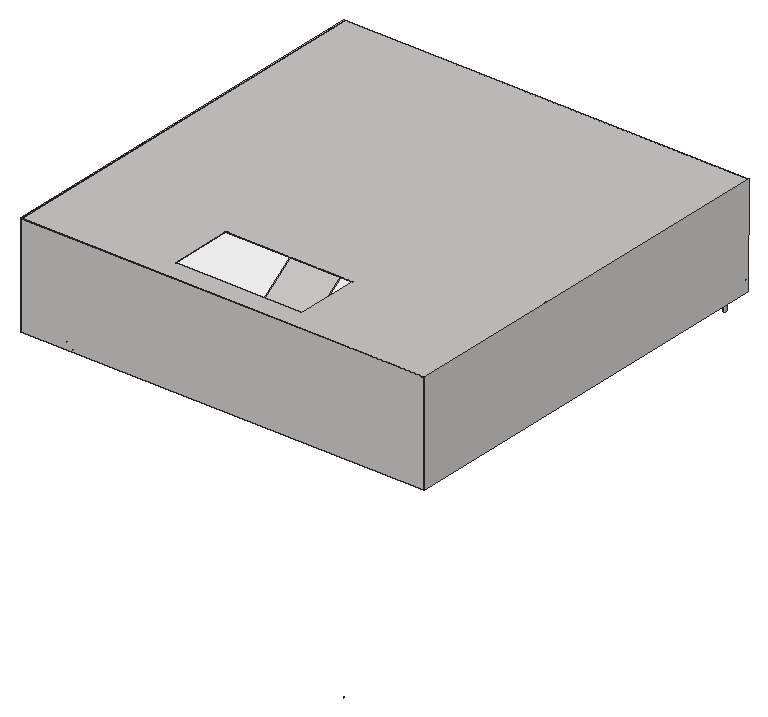
Revit family "QF_ELECTROLUXPROFESSIONAL_640203_EPF1616", category Specialty Equipment, Revit 2014
Reference planes
  plane 1: z = 0
  plane 2 "Center (Left/Right)": x = 150
  plane 3 "LEFT": x = -650
  plane 4 "RIGHT": x = 950
  plane 5 "BACK": y = 550
  plane 6 "TOP": z = 2400
  plane 7 "Base": z = 2000
  plane 8: z = 1970
  plane 9 "DrainY": y = 450
  plane 10: x = -647
  plane 11: y = -720
  plane 12: y = -970
  plane 13 "DrainX": x = 937
  plane 14 "AOLeft": x = -100
  plane 15 "AORight": x = 400
  plane 16: x = 947
  plane 17: x = -450
  plane 18: x = 750
  plane 19: through (0, -449.6, 2399.19) normal (0, -0.5736, 0.8192)
  plane 20: x = 50
  plane 21: x = 250
  plane 22 "Center (Front/Back)": y = -250
  plane 23 "Front": y = -1050
Forms (mm)
  Extrusion 1, solid, material "QF_Finishes_Stainless Steel"
    sketch origin (-650, 0, 360) x (0, 1, 0) y (0, 0, 1)
      loop
        line (550, 1640) -> (550, 2040) -> (-1050, 2040) -> (-1050, 1640) -> (550, 1640)
    from 0 to 3
  Extrusion 2, solid, material "QF_Finishes_Stainless Steel"
    sketch origin (950, 0, 360) x (0, 1, 0) y (0, 0, 1)
      loop
        line (550, 1640) -> (550, 2040) -> (-1050, 2040) -> (-1050, 1640) -> (550, 1640)
    from 0 to -3
  Extrusion 3, solid, material "QF_Finishes_Stainless Steel"
    sketch origin (150, 0, 360) x (0, 1, 0) y (0, 0, 1)
      loop
        line (-1050, 2040) -> (-1050, 1640) -> (-1040, 1640) -> (-1040, 1640.8) -> (-1049.2, 1640.8) -> (-1049.2, 2039.19) -> (549.2, 2039.19) -> (549.2, 1640.8) -> (540, 1640.8) -> (540, 1640) -> (550, 1640) -> (550, 2040) -> (-1050, 2040)
    from -800 to 800
  Extrusion 4, solid, material "QF_Finishes_Stainless Steel"
    sketch origin (0, 0, 2000) x (0, 1, 0) y (-1, 0, 0)
      loop
        circle (450, -937) r 4.763
    from -30 to 0
  Extrusion 5, void
    sketch origin (0, 0, 2400) x (0, 1, 0) y (-1, 0, 0)
      loop
        line (-720, -400) -> (-720, 100) -> (-970, 100) -> (-970, -400) -> (-720, -400)
    from 0 to -10
  Extrusion 6, solid, material "QF_Finishes_Stainless Steel"
    sketch origin (0, 0, 0) x (1, 0, 0) y (0, 1, 0)
      loop
        line (-650, 550) -> (-650, 549) -> (-649, 549) -> (-649, 550) -> (-650, 550)
    from 0 to 1
  Extrusion 7, solid, material "QF_Finishes_Stainless Steel"
    sketch origin (150, 0, 360) x (0, 1, 0) y (0, 0, 1)
      loop
        line (-531.515, 1981.832) -> (-534.381, 1985.926) -> (-973.276, 1678.608) -> (-970.553, 1674.415) -> (-531.515, 1981.832)
    from -600 to -797
  Extrusion 8, solid, material "QF_Finishes_Stainless Steel"
    sketch origin (150, 0, 360) x (0, 1, 0) y (0, 0, 1)
      loop
        line (-1050, 2039.19) -> (-1050, 1640) -> (-1019.702, 1640) -> (-970.553, 1674.415) -> (-978.723, 1686.995) -> (-979.394, 1686.559) -> (-971.645, 1674.627) -> (-1019.955, 1640.8) -> (-1049.2, 1640.8) -> (-1049.2, 2039.19) -> (-1050, 2039.19)
      loop
        line (-449.6, 2039.19) -> (-450.995, 2039.19) -> (-531.319, 1982.947) -> (-539.464, 1994.578) -> (-540.119, 1994.12) -> (-531.515, 1981.832) -> (-449.6, 2039.19)
    from -797 to 797
  Extrusion 9, solid, material "QF_Finishes_Stainless Steel"
    sketch origin (150, 0, 360) x (0, 1, 0) y (0, 0, 1)
      loop
        line (-531.515, 1981.832) -> (-534.381, 1985.926) -> (-973.276, 1678.608) -> (-970.553, 1674.415) -> (-531.515, 1981.832)
    from 797 to 600
  Extrusion 10, solid, material "QF_Finishes_Stainless Steel"
    sketch origin (150, 0, 360) x (0, 1, 0) y (0, 0, 1)
      loop
        line (-531.515, 1981.832) -> (-534.381, 1985.926) -> (-973.276, 1678.608) -> (-970.553, 1674.415) -> (-531.515, 1981.832)
    from -100 to 100
  Extrusion 11, solid, material "QF_Finished_Chrome"
    sketch origin (150, 0, 360) x (0, 1, 0) y (0, 0, 1)
      loop
        line (-531.515, 1981.832) -> (-534.381, 1985.926) -> (-973.276, 1678.608) -> (-970.553, 1674.415) -> (-531.515, 1981.832)
    from -600 to -100
  Extrusion 12, solid, material "QF_Finished_Chrome"
    sketch origin (150, 0, 360) x (0, 1, 0) y (0, 0, 1)
      loop
        line (-531.515, 1981.832) -> (-534.381, 1985.926) -> (-973.276, 1678.608) -> (-970.553, 1674.415) -> (-531.515, 1981.832)
    from 100 to 600
  Sweep 13, solid, material "QF_Finishes_Stainless Steel"
    path origin (0, 0, 0) x (1, 0, 0) y (0, 1, 0)
      loop
        line (950, 550) -> (-650, 550) -> (-650, -1050) -> (950, -1050) -> (950, 550)
    profile origin (950, -250, 0) x (1, 0, 0) y (0, 0, 1)
      loop
        line (-3, 2000) -> (-3, 2000.8) -> (-19, 2000.8) -> (-19, 2010) -> (-20, 2010) -> (-20, 2000) -> (-3, 2000)
  Extrusion 14, solid, material "QF_Finishes_Stainless Steel"
    sketch origin (150, 0, 0) x (0, 1, 0) y (0, 0, 1)
      loop
        line (108.687, 2305.487) -> (549.2, 2040.8) -> (549.2, 2041.733) -> (109.285, 2306.061) -> (-443.438, 2399.19) -> (-445.739, 2399.19) -> (108.687, 2305.487)
    from -797 to 797
Cuts and joins
  Extrusion 5 cuts Extrusion 3
  joined: Extrusion 2, Extrusion 3, Sweep 13
Lines and regions (mm)
  symbolic lines, style "SpecialityEquipment", detail levels coarse
    curve 1: line (950, 550, 2400) -> (-650, 550, 2400)
    curve 2: line (-650, 550, 2400) -> (-650, -1050.8, 2400)
    curve 3: line (950, -1050.8, 2400) -> (950, 550, 2400)
    curve 4: line (400, -970, 2400) -> (-100, -970, 2400)
    curve 5: line (400, -720, 2400) -> (400, -970, 2400)
    curve 6: line (-100, -720, 2400) -> (400, -720, 2400)
    curve 7: line (-100, -970, 2400) -> (-100, -720, 2400)
    curve 8: line (-650, 550, 0) -> (950, -1050, 0)
    curve 9: line (950, 550, 0) -> (-650, -1050, 0)
  symbolic lines, detail levels coarse
    curve 10: line (-650, -1050, 0) -> (950, -1050, 0)
    curve 11: line (-100, -720, 0) -> (-100, -970, 0)
    curve 12: line (400, -720, 0) -> (-100, -720, 0)
    curve 13: line (400, -970, 0) -> (400, -720, 0)
    curve 14: line (-100, -970, 0) -> (400, -970, 0)
Dimensions and locks
  plane 3 "LEFT" to plane 4 "RIGHT" = 1600 mm
  equal spacing: plane 3 "LEFT", plane 2 "Center (Left/Right)", plane 4 "RIGHT"
  plane 7 "Base" to plane 8 = 30 mm
  plane 5 "BACK" to plane 9 "DrainY" = 100 mm  (x2)
  plane 3 "LEFT" to plane 10 = 3 mm
  plane 13 "DrainX" to plane 4 "RIGHT" = 13 mm
  plane 16 to plane 4 "RIGHT" = 3 mm
  plane 3 "LEFT" to plane 17 = 200 mm
  plane 18 to plane 4 "RIGHT" = 200 mm
  locked: plane 14 "AOLeft" to plane 15 "AORight" at 500
  equal spacing: plane 14 "AOLeft", plane 2 "Center (Left/Right)", plane 15 "AORight"
  locked: plane 7 "Base" to level at 2000
  locked: plane 6 "TOP" to plane 7 "Base" at 400
  locked: plane 20 to plane 21 at 200
  equal spacing: plane 20, plane 2 "Center (Left/Right)", plane 21
  locked: plane 11 to plane 12 at 250
  plane 5 "BACK" to plane 23 "Front" = 1600 mm  (x2)
  equal spacing: plane 5 "BACK", plane 22 "Center (Front/Back)", plane 23 "Front"
  plane 12 to plane 23 "Front" = 80 mm
  aligned and locked: level to plane 1
  aligned and locked: plane 4 "RIGHT" to Extrusion 3
  aligned and locked: Extrusion 3 to plane 3 "LEFT"
  aligned and locked: Extrusion 5 to plane 14 "AOLeft"
  aligned and locked: Extrusion 5 to plane 12
  aligned and locked: Extrusion 5 to plane 11
  aligned and locked: Extrusion 7 to plane 10
  aligned and locked: Extrusion 7 to plane 17
  aligned and locked: Extrusion 2 to plane 16
  aligned and locked: Extrusion 5 to plane 15 "AORight"
  aligned and locked: plane 15 "AORight" to curve 5
  aligned and locked: plane 16 to Extrusion 9
  aligned and locked: plane 18 to Extrusion 9
  aligned and locked: Extrusion 10 to plane 21
  aligned and locked: Extrusion 10 to plane 20
  aligned and locked: Extrusion 11 to plane 20
  aligned and locked: plane 17 to Extrusion 11
  aligned and locked: Extrusion 12 to plane 21
  aligned and locked: Extrusion 12 to plane 18
  aligned and locked: Extrusion 14 to plane 10
  aligned and locked: plane 16 to Extrusion 14
  aligned and locked: Extrusion 8 to plane 10
  aligned and locked: Extrusion 8 to plane 16
  aligned and locked: Extrusion 1 to plane 23 "Front"
Automatic sketch dimensions
  curve 2 to plane 3 "LEFT" = 0 mm
  curve 4 to plane 12 = 0 mm
  plane 11 to curve 6 = 0 mm
  curve 2 to plane 5 "BACK" = 0 mm
  curve 4 to plane 14 "AOLeft" = 0 mm
  Extrusion 1 sketch curve to plane 7 "Base" = 0 mm
  Extrusion 1 sketch curve to plane 5 "BACK" = 0 mm
  Extrusion 1 sketch curve to plane 6 "TOP" = 0 mm
  Extrusion 2 sketch curve to plane 7 "Base" = 0 mm
  Extrusion 2 sketch curve to plane 5 "BACK" = 0 mm
  Extrusion 2 sketch curve to plane 6 "TOP" = 0 mm
  Extrusion 3 sketch curve to plane 6 "TOP" = 0 mm
  Extrusion 3 sketch curve to plane 7 "Base" = 0 mm  (x2)
  Extrusion 3 sketch curve to plane 5 "BACK" = 0 mm
  Extrusion 3 sketch curve to Extrusion 3 sketch curve = 9.2 mm
  plane 7 "Base" to Extrusion 3 sketch curve = 0.8 mm  (x2)
  Extrusion 3 sketch curve to plane 5 "BACK" = 10 mm
  Extrusion 3 sketch curve to plane 5 "BACK" = 0.8 mm
  Extrusion 3 sketch curve to plane 6 "TOP" = 0.81 mm
  Extrusion 4 sketch curve to plane 9 "DrainY" = 0 mm
  Extrusion 4 sketch curve to plane 13 "DrainX" = 0 mm
  Extrusion 5 sketch curve to plane 12 = 0 mm
  plane 11 to Extrusion 5 sketch curve = 0 mm
  Extrusion 5 sketch curve to plane 15 "AORight" = 0 mm
  Extrusion 5 sketch curve to plane 14 "AOLeft" = 0 mm
  Extrusion 6 sketch curve to plane 3 "LEFT" = 0 mm
  Extrusion 6 sketch curve to plane 5 "BACK" = 0 mm
  plane 3 "LEFT" to Extrusion 6 sketch curve = 1 mm
  Extrusion 6 sketch curve to Extrusion 6 sketch curve = 1 mm
  Extrusion 7 sketch curve to plane 19 = 0 mm  (x2)
  plane 7 "Base" to Extrusion 7 sketch curve = 34.415 mm
  Extrusion 7 sketch curve to plane 6 "TOP" = 54.074 mm
  Extrusion 8 sketch curve to plane 7 "Base" = 0 mm
  plane 19 to Extrusion 8 sketch curve = 0 mm  (x4)
  Extrusion 8 sketch curve to Extrusion 8 sketch curve = 0.252 mm
  Extrusion 8 sketch curve to Extrusion 8 sketch curve = 40.561 mm
  plane 7 "Base" to Extrusion 8 sketch curve = 46.995 mm
  Extrusion 8 sketch curve to Extrusion 8 sketch curve = 0.671 mm
  plane 7 "Base" to Extrusion 8 sketch curve = 34.627 mm
  Extrusion 8 sketch curve to Extrusion 8 sketch curve = 7.749 mm
  Extrusion 8 sketch curve to plane 6 "TOP" = 45.88 mm
  Extrusion 8 sketch curve to plane 6 "TOP" = 45.422 mm
  Extrusion 8 sketch curve to plane 6 "TOP" = 57.053 mm
  Extrusion 8 sketch curve to plane 6 "TOP" = 0.81 mm  (x2)
  plane 7 "Base" to Extrusion 8 sketch curve = 0.8 mm
  Extrusion 9 sketch curve to plane 19 = 0 mm  (x2)
  plane 7 "Base" to Extrusion 9 sketch curve = 34.415 mm
  Extrusion 9 sketch curve to plane 6 "TOP" = 54.074 mm
  Extrusion 10 sketch curve to plane 19 = 0 mm  (x2)
  plane 7 "Base" to Extrusion 10 sketch curve = 34.415 mm
  Extrusion 10 sketch curve to plane 6 "TOP" = 54.074 mm
  Extrusion 11 sketch curve to plane 19 = 0 mm  (x2)
  plane 7 "Base" to Extrusion 11 sketch curve = 34.415 mm
  Extrusion 11 sketch curve to plane 6 "TOP" = 54.074 mm
  Extrusion 12 sketch curve to plane 19 = 0 mm  (x2)
  plane 7 "Base" to Extrusion 12 sketch curve = 34.415 mm
  Extrusion 12 sketch curve to plane 6 "TOP" = 54.074 mm
  Sweep 13 sketch curve to plane 3 "LEFT" = 0 mm
  Sweep 13 sketch curve to plane 4 "RIGHT" = 0 mm
  Sweep 13 sketch curve to plane 5 "BACK" = 0 mm
  profile plane to Sweep 13 sketch curve = 20 mm
  Sweep 13 sketch curve to Sweep 13 sketch curve = 1 mm
  profile plane to Sweep 13 sketch curve = 3 mm
  level to Sweep 13 sketch curve = 2000 mm
  Sweep 13 sketch curve to Sweep 13 sketch curve = 0.8 mm
  Sweep 13 sketch curve to Sweep 13 sketch curve = 9.2 mm
  Extrusion 7 sketch curve to plane 11 = 185.619 mm
  Extrusion 8 sketch curve to Extrusion 8 sketch curve = 90.519 mm
  Extrusion 9 sketch curve to plane 11 = 185.619 mm
  Extrusion 10 sketch curve to plane 11 = 185.619 mm
  Extrusion 11 sketch curve to plane 11 = 185.619 mm
  Extrusion 12 sketch curve to plane 11 = 185.619 mm
  Extrusion 1 sketch curve to plane 12 = 80 mm
  Extrusion 2 sketch curve to plane 12 = 80 mm
  Extrusion 3 sketch curve to plane 12 = 70 mm
  Extrusion 3 sketch curve to Extrusion 3 sketch curve = 0.8 mm
  Extrusion 7 sketch curve to plane 12 = 3.276 mm
  Extrusion 8 sketch curve to plane 12 = 79.2 mm
  Extrusion 8 sketch curve to Extrusion 8 sketch curve = 0.8 mm
  Extrusion 9 sketch curve to plane 12 = 3.276 mm
  Extrusion 10 sketch curve to plane 12 = 3.276 mm
  Extrusion 11 sketch curve to plane 12 = 3.276 mm
  Extrusion 12 sketch curve to plane 12 = 3.276 mm
  Sweep 13 sketch curve to plane 12 = 80 mm
  Extrusion 14 sketch curve to plane 6 "TOP" = 0.81 mm
  Extrusion 14 sketch curve to plane 22 "Center (Front/Back)" = 195.739 mm
  Extrusion 14 sketch curve to Extrusion 14 sketch curve = 2.3 mm
  Extrusion 14 sketch curve to plane 6 "TOP" = 94.513 mm
  Extrusion 14 sketch curve to plane 9 "DrainY" = 341.313 mm
  Extrusion 14 sketch curve to plane 6 "TOP" = 93.939 mm
  Extrusion 14 sketch curve to Extrusion 14 sketch curve = 0.598 mm
  Extrusion 14 sketch curve to plane 5 "BACK" = 0.8 mm
  plane 7 "Base" to Extrusion 14 sketch curve = 40.8 mm
  Extrusion 14 sketch curve to Extrusion 14 sketch curve = 0.933 mm
  curve 3 to plane 4 "RIGHT" = 0 mm
  curve 3 to plane 23 "Front" = 0.8 mm
  curve 2 to plane 23 "Front" = 0.8 mm
  curve 10 to plane 3 "LEFT" = 0 mm
  curve 8 to plane 3 "LEFT" = 0 mm
  curve 9 to plane 4 "RIGHT" = 0 mm
  curve 10 to plane 4 "RIGHT" = 0 mm
  curve 8 to plane 23 "Front" = 0 mm
  curve 9 to plane 5 "BACK" = 0 mm
  curve 8 to plane 5 "BACK" = 0 mm
  plane 11 to curve 11 = 0 mm
  curve 11 to plane 14 "AOLeft" = 0 mm
  curve 12 to plane 15 "AORight" = 0 mm
  curve 13 to plane 12 = 0 mm
  radius of Extrusion 4 sketch curve = 4.763 mm
Connectors
  piping at (937, 450, 1970), diameter 9.5
    settings: on Extrusion 4, index 1, connector inside diameter 609.6 mm, connector length 0 mm, flow factor 0, pipe flow 0.0 L/s, pressure drop 0.0 Pa, fitting loss kfactor 0, connector angle 0.00°, fixture units 0, engagement length 0 mm, angle of deflection 0.00°, flow configuration 1, flow direction 2, fitting loss method 0, system type 16, joint type 0, gender type 0, connector reference index -1, connector utility 0, adjustable connector no, is connector primary yes, connector description "Drain"
  hvac at (150, -845, 2400)
    settings: on Extrusion 5, index 2, duct flow 0.0 L/s, flow factor 0, pres drop 0.0 Pa, loss coef 0, conn angle 0.00°, conn width 250 mm, conn height 500 mm, conn diameter 609.6 mm, duct sys type 3, conn prof type 1, flow config 1, flow direction 0, loss method 0, conn ref index -1, conn util no, is conn primary yes, conn desc "EXHAUST OUTLET"
